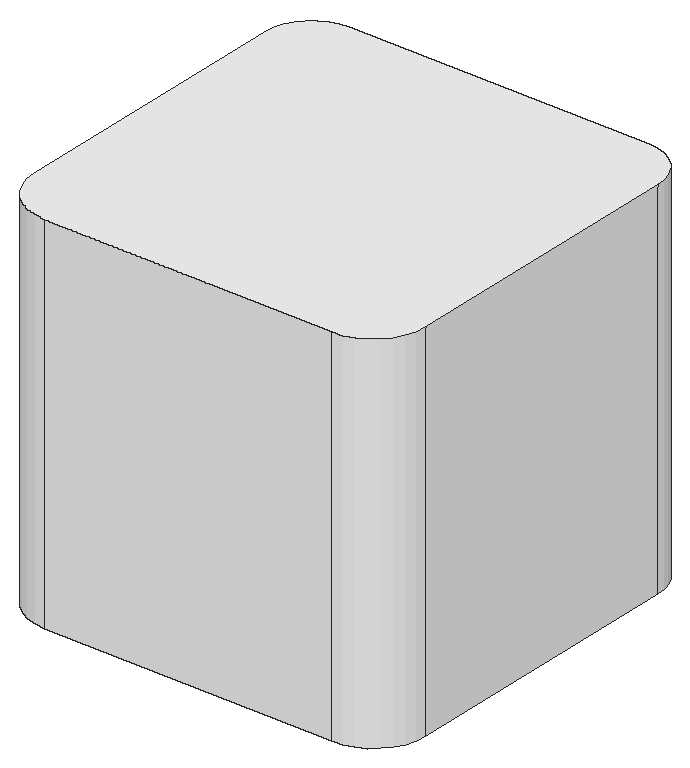
Revit family "sh-16104", category Lighting Fixtures, host Wall, Revit 2017
Family settings
  Host = Wall
  Round Connector Dimension = Use Diameter
  Part Type = Normal
  OmniClass Number = 23.80.70.00
  OmniClass Title = Lighting
  Always vertical = Yes
  Cut with Voids When Loaded = No
  Light Source = Yes
  Shared = Yes
  Room Calculation Point = No
Parameters (values of type "SH-16104(Black body-3000K-E27)")
  wattage. = 9 W
  instalation = "Wall Mounted"
  consumption current = 0.06 A
  color temperature = "3000K"
  color rendering index(CRI) = ""
  Width = 24.1462 cm
  Wattage = 12 W
  Voltage/Frequency = "230 V Ac/50HZ"
  built-in parameter 1150110 = 1 (stored number, unit not read)
  URL = "https://www.shoaco.com/fa/product/%DA%86%D8%B1%D8%A7%D8%BA-%D9%87%D8%A7%DB%8C-%D8%AF%DB%8C%D9%88%D8%A7%D8%B1%DB%8C/1296-%DA%86%D8%B1%D8%A7%D8%BA-%D8%AF%DB%8C%D9%88%D8%A7%D8%B1%DB%8C-%D9%85%D8%AF%D9%84--SH-16104.html"
  Type medule = ""
  built-in parameter 1114217 = 1 (stored number, unit not read)
  built-in parameter 1150109 = 1 (stored number, unit not read)
  built-in parameter 1150134 = (empty or 0)
  built-in parameter 1150113 = 1 (stored number, unit not read)
  Protection Class = "class I"
  Model = "SH-16104"
  Manufacturer = "SHOA"
  built-in parameter 1150105 = 28.648 (stored number, unit not read)
  Lumens = 360 lm
  built-in parameter 1150115 = 1 (stored number, unit not read)
  Light Source Symbol Size = 30.0 cm
  built-in parameter 1150137 = (empty or 0)
  built-in parameter 1150139 = (empty or 0)
  built-in parameter 1150112 = 1 (stored number, unit not read)
  built-in parameter 1150114 = 1 (stored number, unit not read)
  Lamp = "E27"
  built-in parameter 1150132 = (empty or 0)
  built-in parameter 1150102 = (empty or 0)
  built-in parameter 1150107 = 3000 (stored number, unit not read)
  built-in parameter 1150138 = (empty or 0)
  built-in parameter 1150106 = 0.28648 (stored number, unit not read)
  Website = "www.shoaco.com"
  IP = "IP65"
  Height = 28.0 cm
  Flicker = ""
  Emit from Circle Diameter = 20.0 cm
  Emit Shape Visible in Rendering = no
  built-in parameter 1150104 = 2.7871 (stored number, unit not read)
  Dimming Lamp Color Temperature Shift = <None>
  Diffuser Material = "polycarbonate-anti uv"
  Diffuser [instance] = Default New Material
  Cost = 0
  Color Filter = 16777215
  Body color = Black Body
  Body Material = "Aluminum"
  built-in parameter 1114218 = 1 (stored number, unit not read)
  built-in parameter 1150133 = 10 (stored number, unit not read)
Reference planes (cm)
  plane 1: y = 7.5
  plane 2 "Light Source Axis (L/R)": x = 12.5
  plane 3 "Light Source Axis (F/R)": y = 17.896
  plane 4 "Light Source Elevation": z = 180
  plane 5: z = 209.7626
  plane 6: z = 181.7626
  plane 7: y = 39.1373
  plane 8: y = 14.9911
Forms (cm)
  Extrusion 1, solid, material "Default New Material" <- "Diffuser"
    sketch origin (-36.2861, -23.4761, 189.73) x (1, 0, 0) y (0, 1, 0)
      loop
        arc (42.5324, 58.4761) -> (41.2976, 57.9646) -> (40.7861, 56.7298) r 1.7463
        line (40.7861, 56.7298) -> (40.7861, 45.6011)
        arc (40.7861, 45.6011) -> (41.3719, 44.1869) -> (42.7861, 43.6011) r 2
        line (42.7861, 43.6011) -> (53.7861, 43.6011)
        arc (53.7861, 43.6011) -> (55.2003, 44.1869) -> (55.7861, 45.6011) r 2
        line (55.7861, 45.6011) -> (55.7861, 56.7244)
        arc (55.7861, 56.7244) -> (55.273, 57.9631) -> (54.0344, 58.4761) r 1.7517
        line (54.0344, 58.4761) -> (42.5324, 58.4761)
    from -0.4174 to 13.6326
Text (cm)
  text "Placement side" at (-178.7139, 111.6779, 0), in view "Ref. Level"
  text "Placement side" at (0, 211.0396, 298.6058), in view "Left"
  text "Placement side" at (0, 62.8478, 301.1967), in view "Right"
Dimensions and locks (cm)
  "Height": plane 6 to plane 5
  "Width": free form element to free form element
  free form element to free form element = 24.3462 cm
  "Width": plane 7 to plane 8
  aligned and locked: plane 1 to host wall
Automatic sketch dimensions
  Extrusion 1 sketch curve to plane 7 = 17.0123 cm
  Extrusion 1 sketch curve to plane 2 "Light Source Axis (L/R)" = 8.0 cm
  Extrusion 1 sketch curve to Extrusion 1 sketch curve = 1.7463 cm
  Extrusion 1 sketch curve to Extrusion 1 sketch curve = 2.0 cm  (x2)
  Extrusion 1 sketch curve to Extrusion 1 sketch curve = 11.0 cm
  Extrusion 1 sketch curve to Extrusion 1 sketch curve = 0.2483 cm
  Extrusion 1 sketch curve to Extrusion 1 sketch curve = 11.1233 cm
